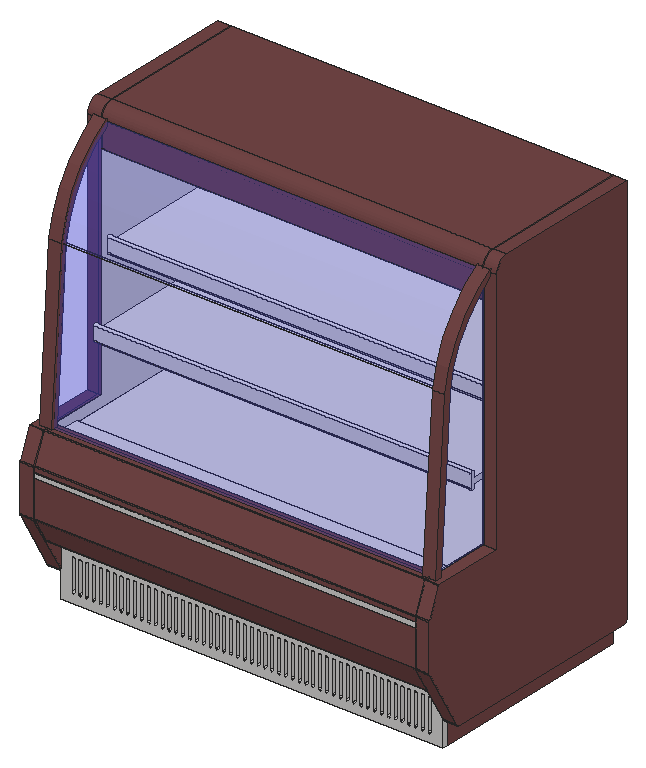
Revit family "QF_Turbo Air_TCDD-48-2-H", category Specialty Equipment, Revit 2014 (continued)
Automatic sketch dimensions
  Extrusion 5 sketch curve to Extrusion 5 sketch curve = 0' - 5.98314"
  Extrusion 6 sketch curve to plane 5 "FRONT" = 0' - 2 5/8"
  Extrusion 6 sketch curve to plane 5 "FRONT" = 0' - 4.01686"
  Extrusion 6 sketch curve to Extrusion 6 sketch curve = 0' - 5.98314"
  Extrusion 7 sketch curve to plane 5 "FRONT" = 0' - 11 1/2"
  Extrusion 8 sketch curve to plane 5 "FRONT" = 0' - 4 7/8"
  Extrusion 8 sketch curve to Extrusion 8 sketch curve = 0' - 0 1/4"
  Extrusion 9 sketch curve to plane 5 "FRONT" = 0' - 4 7/8"
  Extrusion 14 sketch curve to plane 5 "FRONT" = 0' - 11 1/2"
  plane 16 "Upper Shelf" to Extrusion 14 sketch curve = 0' - 3.14958"
  Extrusion 14 sketch curve to Extrusion 14 sketch curve = 0' - 0.3732"
  Extrusion 14 sketch curve to plane 5 "FRONT" = 0' - 2.49967"
  Extrusion 15 sketch curve to plane 5 "FRONT" = 0' - 1.22548"
  Extrusion 15 sketch curve to plane 5 "FRONT" = 0' - 1.47292"
  Extrusion 17 sketch curve to plane 5 "FRONT" = 0' - 1.75008"
  Extrusion 17 sketch curve to Extrusion 17 sketch curve = 0' - 3.02452"
  Extrusion 17 sketch curve to Extrusion 17 sketch curve = 0' - 3.08417"
  Extrusion 21 sketch curve to plane 5 "FRONT" = 0' - 11 5/8"
  Extrusion 22 sketch curve to plane 5 "FRONT" = 0' - 11 5/8"
  Extrusion 22 sketch curve to plane 5 "FRONT" = 0' - 3.04083"
  Extrusion 23 sketch curve to plane 5 "FRONT" = 0' - 11 5/8"
  Extrusion 23 sketch curve to plane 5 "FRONT" = 0' - 3.04083"
  Extrusion 24 sketch curve to plane 5 "FRONT" = 0' - 6 3/16"
  Extrusion 25 sketch curve to plane 5 "FRONT" = 0' - 11"
  Extrusion 25 sketch curve to Extrusion 25 sketch curve = 0' - 1 5/8"
  Extrusion 32 sketch curve to plane 5 "FRONT" = 0' - 6 3/16"  (x2)
  Extrusion 10 sketch curve to plane 8 "Inside Right" = 0' - 0"
  plane 20 "Panel Bottom" to Extrusion 10 sketch curve = 0' - 5 7/16"
  curve 11 to plane 7 "Inside Left" = 0' - 0"
  plane 1 "Handle Back" to curve 19 = 0' - 0"
  curve 17 to plane 8 "Inside Right" = 0' - 0"
  curve 16 to plane 8 "Inside Right" = 0' - 0"
  curve 19 to plane 14 "Door Right" = 0' - 1"
  curve 18 to curve 19 = 0' - 0 1/4"
  curve 15 to plane 5 "FRONT" = 0' - 1.93234"
  curve 10 to plane 5 "FRONT" = 0' - 1.93234"
  curve 6 to plane 21 "Bottom Front" = 0' - 5.39978"
  curve 13 to plane 21 "Bottom Front" = 0' - 5.39978"
  curve 13 to curve 24 = 0' - 0.25188"
  plane 21 "Bottom Front" to curve 23 = 0' - 1.10575"
  curve 22 to curve 12 = 0' - 0.07996"
  curve 21 to curve 12 = 0' - 0.07996"
  curve 9 to curve 6 = 0' - 0.07996"
  Extrusion 11 sketch curve to plane 13 "Door Left" = 0' - 0"
  Extrusion 11 sketch curve to plane 19 "CENTER LR" = 0' - 0"
  Extrusion 11 sketch curve to plane 14 "Door Right" = 0' - 0"
  Extrusion 11 sketch curve to Extrusion 11 sketch curve = 0' - 0 3/16"  (x52)
  Extrusion 11 sketch curve to Extrusion 11 sketch curve = 0' - 0 7/16"  (x50)
  Extrusion 11 sketch curve to Extrusion 11 sketch curve = 0' - 0 3/8"
  plane 6 "Bottom" to Extrusion 11 sketch curve = 0' - 1 1/4"  (x2)
  Extrusion 11 sketch curve to Extrusion 11 sketch curve = 0' - 0"  (x102)
  plane 20 "Panel Bottom" to Extrusion 11 sketch curve = 0' - 2"  (x2)
  radius of Extrusion 32 sketch curve = 0' - 0 9/16"  (x4)
  radius of Extrusion 33 sketch curve = 0' - 0 1/4"
Connectors (in)
  electrical at (7.68427, -4.9375, 6), driven by "Number of Poles", driven by "Volts", driven by "Apparent Power"
    settings: on Extrusion 33, index 1, voltage 115 V, apparent load 701.5 VA, apparent load phase1 0 VA, apparent load phase2 0 VA, apparent load phase3 0 VA, power factor 1, load classification "Other", number of poles 1, system type 30, power factor state 1, is connector primary yes, connector utility no, sub classification motor no, connector description "Electric"
